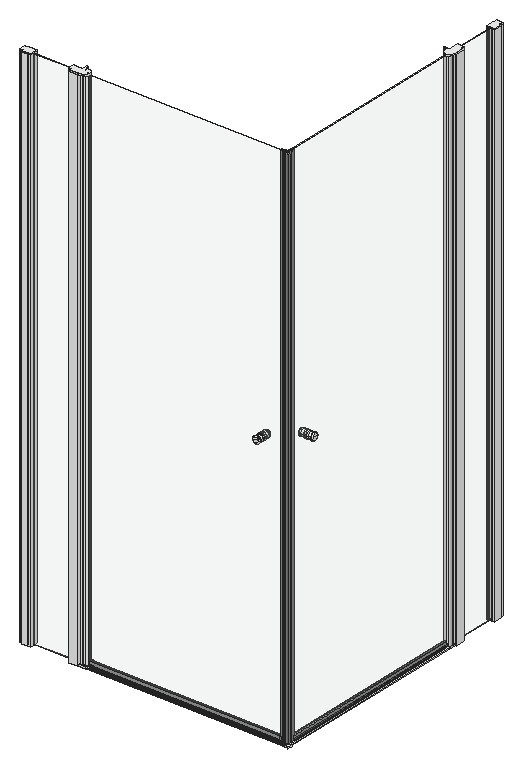
Revit family "Sanitary_Shower-screens_Duscholux_Giro_Two-fixed-segments+pivot-twin-doors-angle-acces-Shower", category Plumbing Fixtures, Revit 2016
Family settings
  Part Type = Normal
  Round Connector Dimension = Use Diameter
  OmniClass Number = 23.45.00.00
  OmniClass Title = Sanitary, Laundry, and Cleaning Equipment
  Work Plane-Based = No
  Always vertical = Yes
  Cut with Voids When Loaded = No
  Shared = No
  Room Calculation Point = No
Parameters (values of type "White Aluminium Finish")
  Width lateral side = 1000 mm
  Width front side = 1000 mm
  Uniclass 2015 Description = "Shower Enclosures"
  Uniclass 2015 Code = "PR-40-20-06-79"
  URL = "http://www.duscholux.es/"
  UNSPSC Code = "30181507"
  Thickness Glass = 5 mm  # constant formula
  Technical Inspection Certificate (Applus) = "http://www.duscholux.es/resources/custom/var/APPLUS_en.pdf"
  Series = "Plus Evolution Giro"
  Region South America = "Consult"
  Region Oceania = "Consult"
  Region North America = "Consult"
  Region Middle East = "Consult"
  Region Europe = "AD, ES, FR, PT"
  Region Asia = "Consult"
  Region Antartica = "Consult"
  Region Africa = "Consult"
  Ref. = "7XF / 7XG"
  Products = "http://www.duscholux.es/mamparas_filtro.aspx?es"
  Product group = "Front for shower"
  Product family = "Plus Evolution Giro"
  Opening lateral angle = 0.00°
  Opening System Image = "http://blob.duscholux.es/pluma512/AD2f2pabatible180.gif"
  Opening System = "Pivot Door"
  Opening front angle = 0.00°
  Net Weight (Kg) = 50
  NBS Reference Description = "Shower Enclosures"
  NBS Reference Code = "45-35-70"
  Model = ""
  Min Max Width lateral side = if(Width lateral side < 600 mm, 600 mm, if(Width lateral side > 1200 mm, 1200 mm, Width lateral side))  # 1000 mm
  Min Max Width front side = if(Width front side < 600 mm, 600 mm, if(Width front side > 1200 mm, 1200 mm, Width front side))  # 1000 mm
  Max Height = if(Height > 2000 mm, 2000 mm, Height)  # 2000 mm
  Manufacturer name = "Duscholux Ibérica, S.A."
  Manufacturer country = "Spain"
  Maintenance and Cleaning = "http://www.duscholux.es/mamparas_limpieza.aspx?en"
  Lateral door aperture = Min Max Width lateral side - 17.8 mm - 240 mm  # 742.2 mm
  Image = "http://www.duscholux.es/resources/custom/img/mamparas/PLUS%20EVOLUTION%20GIRO/modelos/2F2PADA/mampara_h.jpg"
  IFC Classification = "Furnishing Element"
  Height = 2000 mm
  Handle Material = White Finish
  Handle Height = Max Height / 2  # 1000 mm
  Glass in Building UNE EN 12150 = "CE Conformity marking"
  Glass Material = Glass_Material-Duscholux
  Frame Material = White Aluminium Finish
  Fact Sheet = "http://blob.duscholux.es/enpdf2018/Giro2F2PAD.pdf"
  Manufacturer = "Duscholux Ibérica, S.A."
  Environmental Management ISO 14001 = "ECOEMBES Certificate"
  Edition number = "1"
  Front door aperture = Min Max Width front side - 17.8 mm - 240 mm  # 742.2 mm
  Design country = "Spain / Germany"
  Description = "2 fixed segments + pivot twin doors at 180º with angle access for shower"
  Date of publishing = ""
  Assembly Code = "C1030200"
  Configuration enclosure = "http://configuratumampara.duscholux.es/eCatalogo.aspx"
  Components = "Eropean components"
  Type Comments = ""
  Combinations = ""
  Certified Quality UNE EN 14428 = "http://www.duscholux.es/duscholux_downloads.aspx?es"
  COBIe Type Category = ""
  Brand = "Duscholux"
  Accesories Material = White Finish
Types (4, lengths in mm): name | Handle Material | Frame Material | Accesories Material
  (no name) | White Finish | White Aluminium Finish | White Finish
  White Aluminium Finish | White Finish | White Aluminium Finish | White Finish
  Shiny silver Finish | Matt Silver Aluminium Finish | Shiny Silver  Aluminium Finish | Plastic, Gray
  Silver Matt Aluminium Finish | Matt Silver Aluminium Finish | Matt Silver Aluminium Finish | Plastic, Gray
Reference planes
  plane 1 "Centro (Frontal/Posterior)": y = 0
  plane 2: z = 0
  plane 3 "Centro (Izquierda/Derecha)": x = 0
  plane 4: z = 2000
  plane 5: x = 1000
  plane 6: z = 1000
  plane 7: z = 0
  plane 8: z = 8
  plane 9: z = 1996
  plane 10: x = 982.223
  plane 11: y = -5.6
  plane 12: y = 994.4
  plane 13: y = 12.2
  plane 14: x = 994.362
  plane 15: x = 240
  plane 16: y = 754.4
Forms (mm)
  Extrusion 1, solid, material "Glass_Material-Duscholux" <- "Glass Material"
    sketch origin (243.164, 15.3, 0) x (1, 0, 0) y (0, 1, 0)
      loop
        line (-0.257, -12.8) -> (-0.257, -17.8) -> (739.036, -17.8) -> (739.036, -12.8) -> (-0.257, -12.8)
    from 8 to 1992
  Extrusion 2, solid, material "White Aluminium Finish" <- "Frame Material"
    sketch origin (35.646, -645.801, 0) x (1, 0, 0) y (0, 1, 0)
      loop
        line (182.621, 656.691) -> (156.121, 656.691) -> (156.121, 655.191) -> (181.251, 655.191) -> (181.251, 631.991) -> (154.321, 631.991) -> (154.321, 624.931) -> (187.171, 624.931) -> (187.171, 633.301) -> (190.62, 633.301) -> (196.125, 639.801)
        arc (196.125, 639.801) -> (194.12, 645.786) -> (196.009, 651.809) r 10.234
        line (196.009, 651.809) -> (190.62, 659.801) -> (190.62, 660.824) -> (188.993, 670.05) -> (186.271, 674.341) -> (182.621, 674.341) -> (182.621, 656.691)
    from 0 to 1992
  Extrusion 3, solid, material "White Aluminium Finish" <- "Frame Material", detail levels medium+fine
    sketch origin (0, 32.415, 0) x (0, 1, 0) y (0, 0, 1)
      loop
        line (-48.975, 0) -> (-40.915, 0) -> (-40.915, 3)
        arc (-40.915, 3) -> (-41.501, 4.414) -> (-42.915, 5) r 2
        line (-42.915, 5) -> (-46.975, 5)
        arc (-46.975, 5) -> (-48.389, 4.414) -> (-48.975, 3) r 2
        line (-48.975, 3) -> (-48.975, 0)
    from 252.745 to 1000
  Extrusion 4, solid, material "White Finish" <- "Accesories Material", detail levels medium+fine
    sketch origin (183.416, 0, 0) x (1, 0, 0) y (0, 1, 0)
      loop
        line (39.402, -18) -> (69.329, -18) -> (69.329, -4.689) -> (61.425, -8.932)
        arc (61.425, -8.932) -> (54.344, -9.901) -> (48.356, -6) r 10.234
        line (48.356, -6) -> (42.851, -12.5) -> (39.402, -12.5) -> (39.402, -18)
    from 0 to 6
  Extrusion 5, solid, material "White Finish" <- "Accesories Material"
    sketch origin (0.016, 0, 0) x (1, 0, 0) y (0, 1, 0)
      loop
        line (191.752, 10.89) -> (191.752, 9.29) -> (183.4, 9.29) -> (183.4, -13.71) -> (189.952, -13.71) -> (189.952, -20.87) -> (222.393, -20.87) -> (244.738, -12.738)
        arc (244.738, -12.738) -> (253.657, 0) -> (244.738, 12.738) r 13.555
        line (244.738, 12.738) -> (225.413, 19.771) -> (224.624, 24.249) -> (221.902, 28.54) -> (218.252, 28.54) -> (218.252, 10.89) -> (191.752, 10.89)
    from 1992 to 1996
  Extrusion 6, solid, material "White Aluminium Finish" <- "Frame Material"
    sketch origin (0, -183.716, 0) x (1, 0, 0) y (0, 1, 0)
      loop
        line (1008.256, 988.148) -> (1008.256, 961.218) -> (985.056, 961.218) -> (985.056, 986.348) -> (983.556, 986.348) -> (983.556, 959.848) -> (965.906, 959.848) -> (965.906, 956.198) -> (970.197, 953.476) -> (979.423, 951.849) -> (980.446, 951.849) -> (988.438, 946.461)
        arc (988.438, 946.461) -> (994.461, 948.349) -> (1000.446, 946.344) r 10.234
        line (1000.446, 946.344) -> (1006.946, 951.849) -> (1006.946, 955.298) -> (1015.316, 955.298) -> (1015.316, 988.148) -> (1008.256, 988.148)
    from 0 to 1992
  Extrusion 7, solid, material "Glass_Material-Duscholux" <- "Glass Material"
    sketch origin (994.362, 12.2, 0) x (0, 1, 0) y (-1, 0, 0)
      loop
        line (739.293, 2.5) -> (0, 2.5) -> (0, -2.5) -> (739.293, -2.5) -> (739.293, 2.5)
    from 8 to 1992
  Extrusion 8, solid, material "Plástico, transparente"
    sketch origin (994.362, 12.2, 0) x (0, 1, 0) y (-1, 0, 0)
      loop
        line (10.861, 2.5) -> (10.861, 3.935) -> (0.729, 5.485)
        arc (0.729, 5.485) -> (-0.025, 5.571) -> (-0.783, 5.6) r 10
        line (-0.783, 5.6) -> (-4.523, 5.6)
        arc (-4.523, 5.6) -> (-6.453, 5.212) -> (-8.086, 4.114) r 5.03
        line (-8.086, 4.114) -> (-13.388, -1.188)
        arc (-13.388, -1.188) -> (-13.916, -4.011) -> (-11.523, -5.6) r 2.601
        line (-11.523, -5.6) -> (-0.783, -5.6)
        arc (-0.783, -5.6) -> (-0.025, -5.571) -> (0.729, -5.485) r 10
        line (0.729, -5.485) -> (10.861, -3.935) -> (10.861, -2.5) -> (-0.023, -4.083) -> (-0.023, 4.083) -> (10.861, 2.5)
      loop
        arc (-12.368, -0.881) -> (-13.615, -3.325) -> (-11.523, -5.1) r 2.21
        line (-11.523, -5.1) -> (-1.523, -5.1) -> (-1.523, 4.987) -> (-3.523, 4.987)
        arc (-3.523, 4.987) -> (-5.997, 4.666) -> (-8.125, 3.362) r 5.977
        line (-8.125, 3.362) -> (-6.711, 1.947) -> (-10.953, -2.295) -> (-12.368, -0.881)
    from 0 to 1992
  Extrusion 9, solid, material "White Finish" <- "Accesories Material"
    sketch origin (794.446, 694.384, 25) x (0, -1, 0) y (1, 0, 0)
      loop
        line (-108.248, 189.11) -> (-81.748, 189.11) -> (-81.748, 171.46) -> (-78.098, 171.46) -> (-75.376, 175.751) -> (-74.587, 180.229) -> (-55.262, 187.262)
        arc (-55.262, 187.262) -> (-46.343, 200) -> (-55.262, 212.738) r 13.555
        line (-55.262, 212.738) -> (-77.607, 220.87) -> (-110.048, 220.87) -> (-110.048, 213.71) -> (-116.6, 213.71) -> (-116.6, 190.71) -> (-108.248, 190.71) -> (-108.248, 189.11)
    from 1967 to 1971
  Extrusion 10, solid, material "White Finish" <- "Accesories Material", detail levels medium+fine
    sketch origin (-386, -1.6, 0) x (1, 0, 0) y (0, 1, 0)
      loop
        arc (1388.886, -5.45) -> (1388.461, -6.475) -> (1387.436, -6.9) r 1.45
        line (1387.436, -6.9) -> (1386, -6.9) -> (1386, -18) -> (1398, -18)
        arc (1398, -18) -> (1399.414, -17.414) -> (1400, -16) r 2
        line (1400, -16) -> (1400, -4) -> (1388.886, -4) -> (1388.886, -5.45)
    from 0 to 6
  Extrusion 11, solid
    sketch origin (0, -183.4, 0) x (1, 0, 0) y (0, 1, 0)
      loop
        line (1006.946, 954.983) -> (1006.946, 951.534) -> (1000.446, 946.029)
        arc (1000.446, 946.029) -> (1004.384, 939.868) -> (1003.206, 932.652) r 10.234
        line (1003.206, 932.652) -> (999.373, 925.055) -> (1012.446, 925.055) -> (1012.446, 954.983) -> (1006.946, 954.983)
    from 0 to 6
  Extrusion 12, solid, material "White Aluminium Finish" <- "Frame Material", detail levels medium+fine
    sketch origin (-30, 0, 0) x (1, 0, 0) y (0, 0, 1)
      loop
        line (1032.886, 0) -> (1040.945, 0) -> (1040.945, 3)
        arc (1040.945, 3) -> (1040.359, 4.414) -> (1038.945, 5) r 2
        line (1038.945, 5) -> (1034.886, 5)
        arc (1034.886, 5) -> (1033.471, 4.414) -> (1032.886, 3) r 2
        line (1032.886, 3) -> (1032.886, 0)
    from -741.655 to 5.6
  Extrusion 13, solid, material "White Aluminium Finish" <- "Frame Material"
    sketch origin (-21.584, 0, 0) x (1, 0, 0) y (0, 1, 0)
      loop
        line (233.05, 7.94) -> (233.05, 9.29) -> (205, 9.29) -> (205, 1.79) -> (215.5, 1.79) -> (215.5, -6.21) -> (205, -6.21) -> (205, -13.71) -> (233.05, -13.71) -> (233.05, -12.36) -> (206.35, -12.36) -> (206.35, -7.555) -> (216.85, -7.555) -> (216.85, 3.135) -> (206.35, 3.135) -> (206.35, 7.94) -> (233.05, 7.94)
    from 0 to 1992
  Extrusion 14, solid, material "White Aluminium Finish" <- "Frame Material"
    sketch origin (0, 0, 0) x (1, 0, 0) y (0, 1, 0)
      loop
        line (31.002, 7.892) -> (31.002, 9.392) -> (0, 9.392) -> (0, 7.892) -> (1.25, 7.892) -> (1.25, -12.308) -> (0, -12.308) -> (0, -13.808) -> (31.002, -13.808) -> (31.002, -12.308) -> (2.752, -12.308) -> (2.752, 7.892) -> (31.002, 7.892)
    from 0 to 1992
  Extrusion 15, solid, material "White Aluminium Finish" <- "Frame Material"
    sketch origin (0, 0, 0) x (1, 0, 0) y (0, 1, 0)
      loop
        line (43.002, 12.565) -> (11.652, 12.565) -> (11.652, 9.593) -> (41.752, 9.593) -> (41.752, 3.037) -> (31.002, 3.037) -> (31.002, -7.457) -> (41.752, -7.457) -> (41.752, -14.013) -> (11.652, -14.013) -> (11.652, -16.985) -> (43.002, -16.985) -> (43.002, -6.207) -> (32.502, -6.207) -> (32.502, 1.787) -> (43.002, 1.787) -> (43.002, 12.565)
    from 0 to 1992
  Extrusion 16, solid, material "Glass_Material-Duscholux" <- "Glass Material"
    sketch origin (0, 0, 0) x (1, 0, 0) y (0, 1, 0)
      loop
        line (32.502, 0.29) -> (32.502, -4.71) -> (193.916, -4.71) -> (193.916, 0.29) -> (32.502, 0.29)
    from 0 to 1992
  Extrusion 17, solid, material "White Aluminium Finish" <- "Frame Material"
    sketch origin (240, 0, 0) x (1, 0, 0) y (0, 1, 0)
      loop
        line (2.907, 4.084) -> (12.745, 4.084) -> (12.745, 5.053) -> (5.148, 8.929)
        arc (5.148, 8.929) -> (-10.229, 0.381) -> (4.627, -9.044) r 10.234
        line (4.627, -9.044) -> (12.745, -4.929) -> (12.745, -3.916) -> (2.907, -3.916) -> (2.907, 4.084)
    from 0 to 1992
  Extrusion 18, solid, material "Plástico, transparente"
    sketch origin (240, 0, 0) x (1, 0, 0) y (0, 1, 0)
      loop
        arc (742.945, 5.6) -> (742.187, 5.571) -> (741.432, 5.485) r 10
        line (741.432, 5.485) -> (731.301, 3.935) -> (731.301, 2.5) -> (742.184, 4.083) -> (742.184, -4.083) -> (731.301, -2.5) -> (731.301, -3.935) -> (741.432, -5.485)
        arc (741.432, -5.485) -> (742.187, -5.571) -> (742.945, -5.6) r 10
        line (742.945, -5.6) -> (753.684, -5.6)
        arc (753.684, -5.6) -> (756.078, -4.011) -> (755.549, -1.188) r 2.601
        line (755.549, -1.188) -> (750.248, 4.114)
        arc (750.248, 4.114) -> (748.614, 5.212) -> (746.684, 5.6) r 5.03
        line (746.684, 5.6) -> (742.945, 5.6)
      loop
        line (745.684, 4.987) -> (743.684, 4.987) -> (743.684, -5.1) -> (753.684, -5.1)
        arc (753.684, -5.1) -> (755.777, -3.325) -> (754.529, -0.881) r 2.21
        line (754.529, -0.881) -> (753.115, -2.295) -> (748.873, 1.947) -> (750.287, 3.362)
        arc (750.287, 3.362) -> (748.159, 4.666) -> (745.684, 4.987) r 5.977
    from 0 to 1992
  Extrusion 19, solid, material "White Aluminium Finish" <- "Frame Material"
    sketch origin (994.362, 12.2, 0) x (0, 1, 0) y (-1, 0, 0)
      loop
        line (729.455, -4) -> (729.455, -5.011) -> (737.052, -8.845)
        arc (737.052, -8.845) -> (752.434, 0) -> (737.052, 8.845) r 10.234
        line (737.052, 8.845) -> (729.455, 4.966) -> (729.455, 4) -> (739.293, 4) -> (739.293, -4) -> (729.455, -4)
    from 0 to 1992
  Extrusion 20, solid, material "White Aluminium Finish" <- "Frame Material"
    sketch origin (0, 0, 0) x (1, 0, 0) y (0, 1, 0)
      loop
        line (991.311, 799.134) -> (1002.001, 799.134) -> (1002.001, 809.634) -> (1006.806, 809.634) -> (1006.806, 782.934) -> (1008.156, 782.934) -> (1008.156, 810.984) -> (1000.656, 810.984) -> (1000.656, 800.484) -> (992.656, 800.484) -> (992.656, 810.984) -> (985.156, 810.984) -> (985.156, 782.934) -> (986.506, 782.934) -> (986.506, 809.634) -> (991.311, 809.634) -> (991.311, 799.134)
    from 0 to 1992
  Extrusion 21, solid, material "White Aluminium Finish" <- "Frame Material"
    sketch origin (0, 0, 0) x (1, 0, 0) y (0, 1, 0)
      loop
        line (1006.758, 991.648) -> (1006.758, 963.398) -> (1008.258, 963.398) -> (1008.258, 994.4) -> (1006.758, 994.4) -> (1006.758, 993.15) -> (986.558, 993.15) -> (986.558, 994.4) -> (985.058, 994.4) -> (985.058, 963.398) -> (986.558, 963.398) -> (986.558, 991.648) -> (1006.758, 991.648)
    from 0 to 1992
  Extrusion 22, solid, material "White Aluminium Finish" <- "Frame Material"
    sketch origin (0, 0, 0) x (1, 0, 0) y (0, 1, 0)
      loop
        line (1011.431, 951.398) -> (1011.431, 982.748) -> (1008.459, 982.748) -> (1008.459, 952.648) -> (1001.903, 952.648) -> (1001.903, 963.398) -> (991.409, 963.398) -> (991.409, 952.648) -> (984.853, 952.648) -> (984.853, 982.748) -> (981.881, 982.748) -> (981.881, 951.398) -> (992.659, 951.398) -> (992.659, 961.898) -> (1000.653, 961.898) -> (1000.653, 951.398) -> (1011.431, 951.398)
    from 0 to 1992
  Extrusion 23, solid, material "Glass_Material-Duscholux" <- "Glass Material"
    sketch origin (0, 0, 0) x (1, 0, 0) y (0, 1, 0)
      loop
        line (994.156, 961.898) -> (994.156, 800.484) -> (999.156, 800.484) -> (999.156, 961.898) -> (994.156, 961.898)
    from 0 to 1992
  Extrusion 24, solid, material "White Finish" <- "Accesories Material"
    sketch origin (0, 0, 0) x (1, 0, 0) y (0, 1, 0)
      loop
        line (11.652, 12.565) -> (11.652, 9.392) -> (0, 9.392) -> (0, -13.808) -> (11.652, -13.808) -> (11.652, -16.985) -> (43.002, -16.985) -> (43.002, 12.565) -> (11.652, 12.565)
    from 1992 to 1996
  Extrusion 25, solid, material "White Finish" <- "Accesories Material"
    sketch origin (0, 0, 0) x (1, 0, 0) y (0, 1, 0)
      loop
        line (1011.431, 951.398) -> (1011.431, 982.748) -> (1008.258, 982.748) -> (1008.258, 994.4) -> (985.058, 994.4) -> (985.058, 982.748) -> (981.881, 982.748) -> (981.881, 951.398) -> (1011.431, 951.398)
    from 1992 to 1996
Lines and regions (mm)
  reference lines
    curve 1: line (240, 0, 0) -> (982.2, 0, 0)
    curve 2: line (994.362, 12.2, 0) -> (994.362, 754.4, 0)
  symbolic lines
    curve 3: line (240, 0, 0) -> (240, 742.2, 0)
    curve 4: line (240, 0, 0) -> (240, -742.2, 0)
    curve 5: arc (240, -742.2, 0) -> (982.2, 0, 0) -> (240, 742.2, 0) r 742.2
    curve 6: line (994.362, 754.4, 0) -> (1736.562, 754.4, 0)
    curve 7: line (994.362, 754.4, 0) -> (252.162, 754.4, 0)
    curve 8: arc (1736.562, 754.4, 0) -> (994.362, 12.2, 0) -> (252.162, 754.4, 0) r 742.2
Dimensions and locks
  "Thickness Glass": Extrusion 1 to Extrusion 1
  plane 8 to level = 8 mm
  "Max Height": plane 4 to level
  "Min Max Width front side": plane 3 "Centro (Izquierda/Derecha)" to plane 5
  "Handle Height": plane 6 to level
  "Front door aperture": curve 1 to curve 1
  locked: plane 4 to Extrusion 1 at 8
  locked: plane 4 to plane 9 at 4
  locked: nested 2 to Extrusion 1 at 85
  locked: plane 10 to plane 5 at 17.777
  locked: plane 13 to plane 11 at 17.8
  plane 14 to plane 5 = 5.638 mm
  "Lateral door aperture": curve 2 to curve 2
  "Min Max Width lateral side": plane 12 to plane 11
  locked: nested 5 to Extrusion 7 at 85
  locked: plane 3 "Centro (Izquierda/Derecha)" to plane 15 at 240
  locked: plane 12 to plane 16 at 240
  locked: plane 16 to Extrusion 12 at 12.745
  "Front door aperture": curve 3 to curve 3
  "Lateral door aperture": curve 6 to curve 6
  "Opening front angle": angle curve 1 to plane 1 "Centro (Frontal/Posterior)"
  "Opening lateral angle": angle plane 14 to curve 2
  aligned and locked: level to plane 2
  aligned and locked: plane 1 "Centro (Frontal/Posterior)" to curve 1
  aligned and locked: Extrusion 1 to plane 8
  aligned and locked: Extrusion 2 to Extrusion 1
  aligned and locked: nested 2 to plane 6
  aligned and locked: plane 6 to nested 3
  aligned and locked: nested 2 to nested 3
  aligned and locked: Extrusion 4 to plane 7
  aligned and locked: Extrusion 3 to Extrusion 4
  aligned and locked: Extrusion 5 to Extrusion 1
  aligned and locked: plane 9 to Extrusion 5
  aligned and locked: curve 1 to Extrusion 1
  aligned and locked: Extrusion 6 to Extrusion 1
  aligned and locked: plane 14 to curve 2
  aligned and locked: Extrusion 1 to Extrusion 7
  aligned and locked: Extrusion 7 to Extrusion 1
  aligned and locked: plane 9 to Extrusion 9
  aligned and locked: nested 4 to nested 5
  aligned and locked: nested 5 to plane 6
  aligned and locked: nested 4 to plane 6
  aligned and locked: Extrusion 10 to plane 5
  aligned and locked: plane 11 to Extrusion 10
  aligned and locked: plane 5 to Extrusion 3
  aligned and locked: Extrusion 8 to nested 6
  aligned and locked: Extrusion 9 to Extrusion 7
  aligned and locked: Extrusion 11 to Extrusion 4
  aligned and locked: Extrusion 12 to plane 11
  aligned and locked: Extrusion 1 to Extrusion 16
  aligned and locked: Extrusion 16 to Extrusion 15
  aligned and locked: Extrusion 16 to Extrusion 14
  aligned and locked: Extrusion 13 to Extrusion 16
  aligned and locked: Extrusion 16 to Extrusion 13
  aligned and locked: Extrusion 1 to Extrusion 17
  aligned and locked: nested 1 to Extrusion 17
  aligned and locked: nested 1 to Extrusion 18
  aligned and locked: Extrusion 18 to Extrusion 8
  aligned and locked: plane 16 to curve 2
  aligned and locked: Extrusion 19 to Extrusion 7
  aligned and locked: nested 6 to Extrusion 19
  aligned and locked: Extrusion 20 to Extrusion 23 sketch curve
  aligned and locked: Extrusion 23 to Extrusion 7
  aligned and locked: Extrusion 22 to Extrusion 23
  aligned and locked: Extrusion 21 to Extrusion 23
  aligned and locked: Extrusion 23 to Extrusion 20
  aligned and locked: Extrusion 24 to Extrusion 16
  aligned and locked: plane 9 to Extrusion 24
  aligned and locked: Extrusion 25 to Extrusion 23
  aligned and locked: plane 9 to Extrusion 25
  aligned and locked: Extrusion 8 to Extrusion 7
Automatic sketch dimensions
  Extrusion 1 sketch curve to curve 1 = 0 mm
  Extrusion 1 sketch curve to curve 1 = 2.5 mm
  curve 1 to Extrusion 1 sketch curve = 2.5 mm
  curve 1 to Extrusion 1 sketch curve = 2.907 mm
  Extrusion 2 sketch curve to plane 15 = 0 mm
  Extrusion 2 sketch curve to plane 11 = 0.4 mm
  Extrusion 2 sketch curve to plane 15 = 8.229 mm
  Extrusion 2 sketch curve to plane 1 "Centro (Frontal/Posterior)" = 6.008 mm
  Extrusion 2 sketch curve to plane 15 = 8.345 mm
  Extrusion 2 sketch curve to Extrusion 2 sketch curve = 5.505 mm
  plane 13 to Extrusion 2 sketch curve = 1.8 mm
  Extrusion 2 sketch curve to Extrusion 2 sketch curve = 5.389 mm
  Extrusion 2 sketch curve to Extrusion 2 sketch curve = 1.627 mm
  Extrusion 2 sketch curve to Extrusion 2 sketch curve = 3.449 mm
  Extrusion 2 sketch curve to Extrusion 2 sketch curve = 2.722 mm
  Extrusion 2 sketch curve to plane 13 = 1.31 mm
  Extrusion 2 sketch curve to Extrusion 2 sketch curve = 7.999 mm
  Extrusion 2 sketch curve to Extrusion 2 sketch curve = 1.37 mm
  Extrusion 2 sketch curve to plane 13 = 2.81 mm
  Extrusion 2 sketch curve to Extrusion 2 sketch curve = 25.13 mm
  Extrusion 2 sketch curve to Extrusion 2 sketch curve = 26.93 mm
  Extrusion 2 sketch curve to plane 11 = 6.9 mm
  Extrusion 2 sketch curve to plane 11 = 8.21 mm
  Extrusion 2 sketch curve to Extrusion 2 sketch curve = 8.37 mm
  Extrusion 2 sketch curve to Extrusion 2 sketch curve = 1.023 mm
  Extrusion 2 sketch curve to Extrusion 2 sketch curve = 9.227 mm
  Extrusion 2 sketch curve to Extrusion 2 sketch curve = 4.291 mm
  Extrusion 3 sketch curve to level = 0 mm
  Extrusion 3 sketch curve to plane 11 = 10.959 mm
  Extrusion 3 sketch curve to Extrusion 3 sketch curve = 2 mm
  Extrusion 3 sketch curve to Extrusion 3 sketch curve = 4.059 mm
  Extrusion 3 sketch curve to plane 11 = 2.9 mm
  level to Extrusion 3 sketch curve = 3 mm
  Extrusion 4 sketch curve to plane 15 = 0 mm
  Extrusion 4 sketch curve to plane 11 = 0.4 mm
  Extrusion 4 sketch curve to plane 15 = 8.229 mm
  Extrusion 4 sketch curve to Extrusion 4 sketch curve = 5.505 mm
  Extrusion 4 sketch curve to Extrusion 4 sketch curve = 3.449 mm
  Extrusion 4 sketch curve to plane 11 = 3.332 mm
  plane 15 to Extrusion 4 sketch curve = 4.841 mm
  Extrusion 4 sketch curve to Extrusion 4 sketch curve = 7.904 mm
  Extrusion 4 sketch curve to plane 11 = 6.9 mm
  Extrusion 4 sketch curve to Extrusion 4 sketch curve = 5.5 mm
  plane 11 to Extrusion 4 sketch curve = 0.911 mm
  plane 1 "Centro (Frontal/Posterior)" to Extrusion 5 sketch curve = 0 mm
  Extrusion 5 sketch curve to plane 13 = 2.91 mm
  Extrusion 5 sketch curve to plane 15 = 56.584 mm
  Extrusion 5 sketch curve to Extrusion 5 sketch curve = 6.552 mm
  Extrusion 5 sketch curve to Extrusion 5 sketch curve = 8.352 mm
  Extrusion 5 sketch curve to plane 15 = 21.733 mm
  Extrusion 5 sketch curve to Extrusion 5 sketch curve = 3.65 mm
  Extrusion 5 sketch curve to plane 15 = 17.591 mm
  Extrusion 5 sketch curve to Extrusion 5 sketch curve = 2.722 mm
  Extrusion 5 sketch curve to Extrusion 5 sketch curve = 0.79 mm
  plane 15 to Extrusion 5 sketch curve = 0.118 mm
  plane 15 to Extrusion 5 sketch curve = 4.754 mm  (x2)
  plane 13 to Extrusion 5 sketch curve = 0.538 mm
  Extrusion 5 sketch curve to plane 11 = 8.11 mm
  Extrusion 5 sketch curve to plane 11 = 15.27 mm
  Extrusion 5 sketch curve to plane 13 = 1.31 mm
  plane 13 to Extrusion 5 sketch curve = 7.571 mm
  Extrusion 5 sketch curve to Extrusion 5 sketch curve = 4.478 mm
  Extrusion 5 sketch curve to Extrusion 5 sketch curve = 4.291 mm
  Extrusion 6 sketch curve to plane 14 = 0 mm
  Extrusion 6 sketch curve to plane 16 = 0 mm
  plane 14 to Extrusion 6 sketch curve = 5.924 mm
  plane 10 to Extrusion 6 sketch curve = 2.833 mm
  plane 10 to Extrusion 6 sketch curve = 1.333 mm
  Extrusion 6 sketch curve to plane 10 = 1.777 mm
  Extrusion 6 sketch curve to Extrusion 6 sketch curve = 1.023 mm
  Extrusion 6 sketch curve to Extrusion 6 sketch curve = 9.227 mm
  Extrusion 6 sketch curve to Extrusion 6 sketch curve = 4.291 mm
  plane 5 to Extrusion 6 sketch curve = 0.446 mm
  plane 5 to Extrusion 6 sketch curve = 6.946 mm
  plane 5 to Extrusion 6 sketch curve = 8.256 mm
  Extrusion 6 sketch curve to Extrusion 6 sketch curve = 7.06 mm
  plane 16 to Extrusion 6 sketch curve = 8.229 mm
  Extrusion 6 sketch curve to Extrusion 6 sketch curve = 5.389 mm
  Extrusion 6 sketch curve to Extrusion 6 sketch curve = 5.505 mm
  Extrusion 6 sketch curve to Extrusion 6 sketch curve = 1.627 mm
  Extrusion 6 sketch curve to Extrusion 6 sketch curve = 3.449 mm
  Extrusion 6 sketch curve to Extrusion 6 sketch curve = 2.722 mm
  Extrusion 6 sketch curve to Extrusion 6 sketch curve = 7.999 mm
  Extrusion 6 sketch curve to Extrusion 6 sketch curve = 5.92 mm
  Extrusion 6 sketch curve to Extrusion 6 sketch curve = 25.13 mm
  Extrusion 6 sketch curve to Extrusion 6 sketch curve = 1.8 mm
  Extrusion 7 sketch curve to curve 2 = 0 mm
  Extrusion 7 sketch curve to curve 2 = 2.5 mm
  curve 2 to Extrusion 7 sketch curve = 2.5 mm
  Extrusion 7 sketch curve to curve 2 = 2.907 mm
  curve 2 to Extrusion 8 sketch curve = 1.188 mm
  Extrusion 8 sketch curve to curve 2 = 13.388 mm
  curve 2 to Extrusion 8 sketch curve = 0.881 mm
  Extrusion 8 sketch curve to Extrusion 8 sketch curve = 1.02 mm
  Extrusion 8 sketch curve to Extrusion 8 sketch curve = 0.845 mm
  Extrusion 8 sketch curve to Extrusion 8 sketch curve = 0 mm  (x2)
  Extrusion 8 sketch curve to Extrusion 8 sketch curve = 0.003 mm
  Extrusion 8 sketch curve to Extrusion 8 sketch curve = 0.072 mm
  curve 2 to Extrusion 8 sketch curve = 2.295 mm
  Extrusion 8 sketch curve to Extrusion 8 sketch curve = 0.495 mm
  Extrusion 8 sketch curve to Extrusion 8 sketch curve = 4.243 mm
  Extrusion 8 sketch curve to Extrusion 8 sketch curve = 0.039 mm
  Extrusion 8 sketch curve to curve 2 = 1.947 mm
  Extrusion 8 sketch curve to Extrusion 8 sketch curve = 1.414 mm  (x2)
  Extrusion 8 sketch curve to Extrusion 8 sketch curve = 3.564 mm
  Extrusion 8 sketch curve to curve 2 = 0.57 mm
  Extrusion 8 sketch curve to Extrusion 8 sketch curve = 2.194 mm
  curve 2 to Extrusion 8 sketch curve = 0.97 mm
  Extrusion 8 sketch curve to Extrusion 8 sketch curve = 0.51 mm
  Extrusion 8 sketch curve to Extrusion 8 sketch curve = 1 mm
  Extrusion 8 sketch curve to curve 2 = 1.523 mm
  Extrusion 8 sketch curve to curve 2 = 0.783 mm  (x2)
  Extrusion 8 sketch curve to curve 2 = 0.023 mm
  curve 2 to Extrusion 8 sketch curve = 0.729 mm  (x2)
  curve 2 to Extrusion 8 sketch curve = 3.935 mm
  Extrusion 8 sketch curve to Extrusion 8 sketch curve = 10.132 mm
  Extrusion 8 sketch curve to curve 2 = 3.935 mm
  Extrusion 8 sketch curve to curve 2 = 4.083 mm
  Extrusion 8 sketch curve to curve 2 = 4.4 mm
  Extrusion 8 sketch curve to Extrusion 8 sketch curve = 2.805 mm
  Extrusion 8 sketch curve to curve 2 = 5.485 mm
  Extrusion 8 sketch curve to Extrusion 8 sketch curve = 0.5 mm
  Extrusion 8 sketch curve to Extrusion 8 sketch curve = 1.435 mm  (x2)
  curve 2 to Extrusion 8 sketch curve = 4.083 mm
  Extrusion 8 sketch curve to Extrusion 8 sketch curve = 0.752 mm
  plane 10 to Extrusion 9 sketch curve = 2.933 mm
  plane 16 to Extrusion 9 sketch curve = 56.584 mm
  Extrusion 9 sketch curve to Extrusion 9 sketch curve = 6.552 mm
  Extrusion 9 sketch curve to Extrusion 9 sketch curve = 8.352 mm
  plane 16 to Extrusion 9 sketch curve = 21.733 mm
  Extrusion 9 sketch curve to Extrusion 9 sketch curve = 3.65 mm
  plane 16 to Extrusion 9 sketch curve = 17.591 mm
  Extrusion 9 sketch curve to Extrusion 9 sketch curve = 2.722 mm
  Extrusion 9 sketch curve to Extrusion 9 sketch curve = 0.79 mm
  Extrusion 9 sketch curve to plane 16 = 0.118 mm
  Extrusion 9 sketch curve to plane 16 = 4.754 mm  (x2)
  Extrusion 9 sketch curve to plane 10 = 0.514 mm
  Extrusion 9 sketch curve to plane 10 = 7.548 mm
  Extrusion 9 sketch curve to Extrusion 9 sketch curve = 4.478 mm
  Extrusion 9 sketch curve to Extrusion 9 sketch curve = 4.291 mm
  plane 10 to Extrusion 9 sketch curve = 1.333 mm
  Extrusion 9 sketch curve to plane 14 = 0.084 mm
  plane 5 to Extrusion 9 sketch curve = 8.156 mm
  Extrusion 9 sketch curve to Extrusion 9 sketch curve = 7.16 mm
  Extrusion 10 sketch curve to plane 5 = 0 mm
  Extrusion 10 sketch curve to plane 11 = 0 mm
  plane 5 to Extrusion 10 sketch curve = 1.436 mm
  Extrusion 10 sketch curve to Extrusion 10 sketch curve = 1.45 mm  (x2)
  plane 5 to Extrusion 10 sketch curve = 12 mm
  Extrusion 10 sketch curve to Extrusion 10 sketch curve = 2 mm
  Extrusion 10 sketch curve to Extrusion 10 sketch curve = 12 mm
  Extrusion 11 sketch curve to plane 14 = 0 mm
  Extrusion 11 sketch curve to plane 16 = 0 mm
  Extrusion 11 sketch curve to plane 5 = 0.627 mm
  plane 5 to Extrusion 11 sketch curve = 0.446 mm
  plane 5 to Extrusion 11 sketch curve = 3.206 mm
  plane 5 to Extrusion 11 sketch curve = 6.946 mm
  Extrusion 11 sketch curve to Extrusion 11 sketch curve = 5.5 mm
  Extrusion 11 sketch curve to plane 16 = 5.148 mm
  Extrusion 11 sketch curve to Extrusion 11 sketch curve = 7.597 mm
  Extrusion 11 sketch curve to Extrusion 11 sketch curve = 5.505 mm
  Extrusion 11 sketch curve to Extrusion 11 sketch curve = 3.449 mm
  Extrusion 12 sketch curve to level = 0 mm
  plane 5 to Extrusion 12 sketch curve = 2.886 mm
  Extrusion 12 sketch curve to Extrusion 12 sketch curve = 2 mm  (x2)
  Extrusion 12 sketch curve to Extrusion 12 sketch curve = 4.059 mm
  level to Extrusion 12 sketch curve = 3 mm
  Extrusion 13 sketch curve to plane 11 = 8.11 mm
  Extrusion 13 sketch curve to plane 15 = 56.584 mm
  Extrusion 13 sketch curve to plane 1 "Centro (Frontal/Posterior)" = 1.79 mm
  Extrusion 13 sketch curve to Extrusion 13 sketch curve = 0 mm
  Extrusion 13 sketch curve to Extrusion 13 sketch curve = 1.35 mm  (x4)
  Extrusion 13 sketch curve to plane 11 = 0.61 mm
  Extrusion 13 sketch curve to Extrusion 13 sketch curve = 9.15 mm
  Extrusion 13 sketch curve to plane 13 = 2.91 mm
  Extrusion 13 sketch curve to Extrusion 13 sketch curve = 16.2 mm  (x2)
  Extrusion 13 sketch curve to plane 11 = 6.76 mm
  Extrusion 13 sketch curve to Extrusion 13 sketch curve = 1.345 mm  (x2)
  Extrusion 14 sketch curve to plane 3 "Centro (Izquierda/Derecha)" = 0 mm  (x2)
  plane 3 "Centro (Izquierda/Derecha)" to Extrusion 14 sketch curve = 1.25 mm
  Extrusion 14 sketch curve to Extrusion 14 sketch curve = 1.502 mm
  Extrusion 14 sketch curve to plane 13 = 4.308 mm
  Extrusion 14 sketch curve to Extrusion 14 sketch curve = 28.25 mm
  Extrusion 14 sketch curve to plane 11 = 8.208 mm
  Extrusion 14 sketch curve to Extrusion 14 sketch curve = 0 mm  (x3)
  Extrusion 14 sketch curve to Extrusion 14 sketch curve = 1.5 mm  (x2)
  plane 3 "Centro (Izquierda/Derecha)" to Extrusion 15 sketch curve = 11.652 mm  (x2)
  plane 13 to Extrusion 15 sketch curve = 0.365 mm
  Extrusion 15 sketch curve to plane 1 "Centro (Frontal/Posterior)" = 3.037 mm
  Extrusion 15 sketch curve to Extrusion 15 sketch curve = 19.35 mm
  Extrusion 15 sketch curve to plane 11 = 0.607 mm
  Extrusion 15 sketch curve to Extrusion 15 sketch curve = 1.5 mm
  Extrusion 15 sketch curve to Extrusion 15 sketch curve = 9.25 mm  (x2)
  Extrusion 15 sketch curve to Extrusion 15 sketch curve = 1.25 mm  (x2)
  Extrusion 15 sketch curve to plane 11 = 1.857 mm
  Extrusion 15 sketch curve to plane 11 = 8.413 mm
  Extrusion 15 sketch curve to Extrusion 15 sketch curve = 2.972 mm
  Extrusion 15 sketch curve to plane 1 "Centro (Frontal/Posterior)" = 1.787 mm
  Extrusion 15 sketch curve to plane 13 = 2.607 mm
  plane 11 to Extrusion 16 sketch curve = 0.89 mm
  plane 3 "Centro (Izquierda/Derecha)" to Extrusion 16 sketch curve = 32.502 mm
  Extrusion 16 sketch curve to plane 15 = 46.084 mm
  Extrusion 16 sketch curve to plane 1 "Centro (Frontal/Posterior)" = 0.29 mm
  Extrusion 17 sketch curve to curve 1 = 0 mm
  curve 1 to Extrusion 17 sketch curve = 0.084 mm
  curve 1 to Extrusion 17 sketch curve = 2.907 mm
  curve 1 to Extrusion 17 sketch curve = 4.627 mm
  curve 1 to Extrusion 17 sketch curve = 5.148 mm
  Extrusion 17 sketch curve to Extrusion 17 sketch curve = 7.597 mm
  curve 1 to Extrusion 17 sketch curve = 3.916 mm
  Extrusion 17 sketch curve to Extrusion 17 sketch curve = 0 mm
  Extrusion 17 sketch curve to Extrusion 17 sketch curve = 1.013 mm
  Extrusion 17 sketch curve to curve 1 = 9.044 mm
  curve 1 to Extrusion 17 sketch curve = 4.084 mm
  Extrusion 17 sketch curve to Extrusion 17 sketch curve = 0.968 mm
  curve 1 to Extrusion 18 sketch curve = 2.5 mm
  Extrusion 18 sketch curve to curve 1 = 10.899 mm
  Extrusion 18 sketch curve to Extrusion 18 sketch curve = 0 mm  (x2)
  Extrusion 18 sketch curve to curve 1 = 0.768 mm  (x2)
  Extrusion 18 sketch curve to curve 1 = 0.016 mm
  curve 1 to Extrusion 18 sketch curve = 0.745 mm  (x2)
  Extrusion 18 sketch curve to Extrusion 18 sketch curve = 0.739 mm
  Extrusion 18 sketch curve to Extrusion 18 sketch curve = 2 mm
  curve 1 to Extrusion 18 sketch curve = 0.97 mm
  curve 1 to Extrusion 18 sketch curve = 3.968 mm
  Extrusion 18 sketch curve to curve 1 = 0.57 mm
  Extrusion 18 sketch curve to Extrusion 18 sketch curve = 0.51 mm
  Extrusion 18 sketch curve to Extrusion 18 sketch curve = 1 mm
  Extrusion 18 sketch curve to curve 1 = 1.947 mm
  Extrusion 18 sketch curve to Extrusion 18 sketch curve = 2.194 mm
  Extrusion 18 sketch curve to Extrusion 18 sketch curve = 1.375 mm
  Extrusion 18 sketch curve to curve 1 = 3.362 mm
  Extrusion 18 sketch curve to Extrusion 18 sketch curve = 0.039 mm
  curve 1 to Extrusion 18 sketch curve = 2.295 mm
  Extrusion 18 sketch curve to Extrusion 18 sketch curve = 4.243 mm
  Extrusion 18 sketch curve to Extrusion 18 sketch curve = 0.495 mm
  Extrusion 18 sketch curve to Extrusion 18 sketch curve = 0.072 mm
  Extrusion 18 sketch curve to Extrusion 18 sketch curve = 0.003 mm
  curve 1 to Extrusion 18 sketch curve = 0.881 mm
  Extrusion 18 sketch curve to Extrusion 18 sketch curve = 1.414 mm
  curve 1 to Extrusion 18 sketch curve = 1.188 mm
  Extrusion 18 sketch curve to Extrusion 18 sketch curve = 1.02 mm
  Extrusion 18 sketch curve to Extrusion 18 sketch curve = 0.596 mm
  Extrusion 18 sketch curve to Extrusion 18 sketch curve = 0.108 mm
  Extrusion 18 sketch curve to Extrusion 18 sketch curve = 1.435 mm  (x2)
  Extrusion 18 sketch curve to curve 1 = 4.083 mm
  Extrusion 18 sketch curve to curve 1 = 4.4 mm
  Extrusion 18 sketch curve to Extrusion 18 sketch curve = 0.115 mm
  Extrusion 18 sketch curve to curve 1 = 2.5 mm
  curve 1 to Extrusion 18 sketch curve = 4.083 mm
  Extrusion 18 sketch curve to Extrusion 18 sketch curve = 0.752 mm
  Extrusion 19 sketch curve to curve 2 = 0 mm  (x2)
  Extrusion 19 sketch curve to curve 2 = 2.907 mm
  Extrusion 19 sketch curve to curve 2 = 5.148 mm  (x2)
  Extrusion 19 sketch curve to curve 2 = 4.966 mm
  Extrusion 19 sketch curve to Extrusion 19 sketch curve = 7.597 mm
  curve 2 to Extrusion 19 sketch curve = 4 mm
  Extrusion 19 sketch curve to Extrusion 19 sketch curve = 0 mm
  Extrusion 19 sketch curve to Extrusion 19 sketch curve = 1.011 mm
  Extrusion 19 sketch curve to curve 2 = 8.845 mm
  Extrusion 19 sketch curve to Extrusion 19 sketch curve = 0.966 mm
  plane 10 to Extrusion 20 sketch curve = 2.933 mm
  Extrusion 20 sketch curve to Extrusion 20 sketch curve = 1.35 mm  (x5)
  plane 14 to Extrusion 20 sketch curve = 3.051 mm
  plane 14 to Extrusion 20 sketch curve = 1.706 mm
  plane 5 to Extrusion 20 sketch curve = 0.656 mm
  Extrusion 20 sketch curve to Extrusion 20 sketch curve = 1.345 mm
  plane 5 to Extrusion 20 sketch curve = 6.806 mm
  plane 16 to Extrusion 20 sketch curve = 28.534 mm
  Extrusion 20 sketch curve to Extrusion 20 sketch curve = 0 mm
  Extrusion 20 sketch curve to Extrusion 20 sketch curve = 16.2 mm
  Extrusion 20 sketch curve to Extrusion 20 sketch curve = 9.15 mm  (x2)
  Extrusion 21 sketch curve to plane 12 = 0 mm  (x2)
  plane 10 to Extrusion 21 sketch curve = 2.836 mm
  Extrusion 21 sketch curve to Extrusion 21 sketch curve = 1.5 mm  (x3)
  plane 5 to Extrusion 21 sketch curve = 6.758 mm  (x2)
  Extrusion 21 sketch curve to plane 12 = 1.25 mm
  Extrusion 21 sketch curve to Extrusion 21 sketch curve = 1.502 mm
  Extrusion 21 sketch curve to Extrusion 21 sketch curve = 28.25 mm
  Extrusion 21 sketch curve to Extrusion 21 sketch curve = 0 mm
  Extrusion 22 sketch curve to plane 10 = 0.342 mm
  plane 10 to Extrusion 22 sketch curve = 2.631 mm
  plane 14 to Extrusion 22 sketch curve = 2.953 mm
  plane 14 to Extrusion 22 sketch curve = 1.703 mm
  plane 5 to Extrusion 22 sketch curve = 0.653 mm
  plane 5 to Extrusion 22 sketch curve = 1.903 mm
  plane 5 to Extrusion 22 sketch curve = 8.459 mm
  Extrusion 22 sketch curve to Extrusion 22 sketch curve = 2.972 mm
  Extrusion 22 sketch curve to plane 12 = 43.002 mm
  Extrusion 22 sketch curve to Extrusion 22 sketch curve = 0 mm
  Extrusion 22 sketch curve to Extrusion 22 sketch curve = 1.25 mm  (x2)
  Extrusion 22 sketch curve to Extrusion 22 sketch curve = 9.25 mm
  Extrusion 22 sketch curve to Extrusion 22 sketch curve = 1.5 mm
  Extrusion 22 sketch curve to plane 12 = 11.652 mm  (x2)
  plane 14 to Extrusion 23 sketch curve = 0.206 mm
  Extrusion 23 sketch curve to plane 5 = 0.844 mm
  Extrusion 23 sketch curve to plane 12 = 32.502 mm
  Extrusion 24 sketch curve to plane 3 "Centro (Izquierda/Derecha)" = 0 mm
  plane 3 "Centro (Izquierda/Derecha)" to Extrusion 24 sketch curve = 11.652 mm  (x2)
  plane 13 to Extrusion 24 sketch curve = 0.365 mm
  Extrusion 24 sketch curve to Extrusion 24 sketch curve = 31.35 mm
  Extrusion 24 sketch curve to plane 11 = 8.208 mm
  Extrusion 24 sketch curve to Extrusion 24 sketch curve = 3.177 mm
  Extrusion 24 sketch curve to plane 13 = 2.808 mm
  Extrusion 25 sketch curve to plane 12 = 0 mm
  Extrusion 25 sketch curve to plane 10 = 0.342 mm
  plane 10 to Extrusion 25 sketch curve = 2.836 mm
  plane 5 to Extrusion 25 sketch curve = 11.431 mm
  Extrusion 25 sketch curve to plane 12 = 11.652 mm  (x2)
  Extrusion 25 sketch curve to Extrusion 25 sketch curve = 31.35 mm
  plane 5 to Extrusion 25 sketch curve = 8.258 mm
  curve 3 to plane 15 = 0 mm
  curve 8 to plane 16 = 0 mm
  curve 6 to plane 14 = 0 mm
  curve 8 to plane 14 = 0 mm
  plane 1 "Centro (Frontal/Posterior)" to curve 4 = 0 mm
  plane 1 "Centro (Frontal/Posterior)" to curve 5 = 0 mm
  curve 1 to plane 15 = 0 mm
Nested families
  nested 1: "Lower-Guide" at (252.745, 0, 8), type "Lower-Guide", detail levels fine
    with built-in parameter 1001306 2.3575 (stored number, unit not read)
  nested 2: "Handle" at (897.2, -2.5, 1000) x (1, 0, 0) z (0, -1, 0), type "Handle", detail levels medium+fine
  nested 3: "Handle" at (897.2, 2.5, 1000) x (1, 0, 0) z (0, 1, 0), type "Handle", detail levels medium+fine
  nested 4: "Handle" at (991.862, 97.2, 1000) x (0, -1, 0) z (-1, 0, 0), type "Handle", detail levels medium+fine
  nested 5: "Handle" at (996.862, 97.2, 1000) x (0, 1, 0) z (1, 0, 0), type "Handle", detail levels medium+fine
  nested 6: "Lower-Guide" at (994.267, 23.061, 8) x (0, 1, 0) z (0, 0, 1), type "Lower-Guide", detail levels fine
    with built-in parameter 1001306 2.3576 (stored number, unit not read)
Definition of nested family "Lower-Guide"
  Parameters (values of type "2353MA")
    built-in parameter 1001306 [instance] = 500 mm
  Reference planes
    plane 1 "Centro (Frontal/Posterior)": y = 0
    plane 2: z = 0
    plane 3 "Izquierda": x = 0
    plane 4 "Derecha": x = 500
    plane 5: z = 0
  Forms (mm)
    Extrusion 1, solid
      sketch origin (0, 0, 0) x (0, 1, 0) y (0, 0, 1)
        loop
          line (-4.2, 0) -> (-3, 12) -> (-4.5, 12) -> (-5.692, 0.15)
          arc (-5.692, 0.15) -> (-5.345, -0.968) -> (-4.3, -1.497) r 1.5
          line (-4.3, -1.497) -> (-4.3, -5.874)
          arc (-4.3, -5.874) -> (-3.9, -6.274) -> (-3.5, -5.874) r 0.4
          line (-3.5, -5.874) -> (-3.5, -1.5) -> (3.5, -1.5) -> (3.5, -7.653)
          arc (3.5, -7.653) -> (3.9, -8.053) -> (4.3, -7.653) r 0.4
          line (4.3, -7.653) -> (4.3, -1.508) -> (5.754, -1.508) -> (11.976, -3.947)
          arc (11.976, -3.947) -> (12.62, -3.771) -> (12.515, -3.111) r 0.5
          line (12.515, -3.111) -> (9.056, -1.58)
          arc (9.056, -1.58) -> (6.398, 0.585) -> (5.211, 3.802) r 6.5
          line (5.211, 3.802) -> (4.5, 12) -> (3, 12) -> (4.2, 0) -> (-4.2, 0)
      from 0 to 500
  Lines and regions (mm)
    reference lines
      curve 1: line (0, 0, 0) -> (500, 0, 0)
  Dimensions and locks
    "built-in parameter 1001306": plane 3 "Izquierda" to plane 4 "Derecha"
    aligned and locked: plane 4 "Derecha" to curve 1
    aligned and locked: plane 1 "Centro (Frontal/Posterior)" to curve 1
    aligned and locked: plane 3 "Izquierda" to curve 1
    aligned and locked: level to plane 2
    aligned and locked: plane 4 "Derecha" to Extrusion 1
  Automatic sketch dimensions
    Extrusion 1 sketch curve to level = 0 mm  (x2)
    Extrusion 1 sketch curve to Extrusion 1 sketch curve = 0.4 mm  (x3)
    Extrusion 1 sketch curve to Extrusion 1 sketch curve = 0 mm  (x2)
    Extrusion 1 sketch curve to Extrusion 1 sketch curve = 1.5 mm  (x2)
    Extrusion 1 sketch curve to Extrusion 1 sketch curve = 1.454 mm
    Extrusion 1 sketch curve to level = 1.58 mm
    Extrusion 1 sketch curve to Extrusion 1 sketch curve = 3.301 mm
    level to Extrusion 1 sketch curve = 4.364 mm
    Extrusion 1 sketch curve to Extrusion 1 sketch curve = 2.632 mm
    Extrusion 1 sketch curve to level = 3.947 mm
    Extrusion 1 sketch curve to Extrusion 1 sketch curve = 2.921 mm
    Extrusion 1 sketch curve to Extrusion 1 sketch curve = 0.224 mm
    Extrusion 1 sketch curve to level = 3.111 mm
    Extrusion 1 sketch curve to Extrusion 1 sketch curve = 0.315 mm
    Extrusion 1 sketch curve to level = 5.874 mm
    Extrusion 1 sketch curve to Extrusion 1 sketch curve = 1.778 mm
    Extrusion 1 sketch curve to level = 1.508 mm
    Extrusion 1 sketch curve to level = 1.5 mm
    Extrusion 1 sketch curve to Extrusion 1 sketch curve = 0.003 mm
    level to Extrusion 1 sketch curve = 12 mm
    level to Extrusion 1 sketch curve = 0.15 mm
    plane 1 "Centro (Frontal/Posterior)" to Extrusion 1 sketch curve = 3 mm
    plane 1 "Centro (Frontal/Posterior)" to Extrusion 1 sketch curve = 3.5 mm
    Extrusion 1 sketch curve to Extrusion 1 sketch curve = 0.1 mm  (x2)
    Extrusion 1 sketch curve to plane 1 "Centro (Frontal/Posterior)" = 3 mm
    Extrusion 1 sketch curve to plane 1 "Centro (Frontal/Posterior)" = 3.5 mm
    Extrusion 1 sketch curve to Extrusion 1 sketch curve = 0.799 mm
    level to Extrusion 1 sketch curve = 3.802 mm
Definition of nested family "Handle"
  Parameters (values of type "Handle-Gravity")
    Handle Material = none
    Default Elevation = 1219.2 mm
  Reference planes
    plane 1 "Centro (Frontal/Posterior)": y = 0
    plane 2: z = 0
    plane 3 "Centro (Izquierda/Derecha)": x = 0
  Forms (mm)
    Extrusion 1, solid
      sketch origin (0, 0, 0) x (1, 0, 0) y (0, 1, 0)
        loop
          line (-1219.2, 1219.2) -> (-1219.2, -1219.2) -> (1219.2, -1219.2) -> (1219.2, 1219.2) -> (-1219.2, 1219.2)
      from 0 to -304.8
    Revolve 2, solid, material <- "Handle Material"
      sketch origin (-255.555, 0, -108.84) x (1, 0, 0) y (0, 0, 1)
        loop
          arc (255.555, 132.84) -> (249.874, 132.609) -> (244.231, 131.918) r 70
          arc (244.231, 131.918) -> (243.027, 131.235) -> (242.555, 129.934) r 2
          line (242.555, 129.934) -> (242.555, 127.939) -> (244.555, 127.403) -> (244.555, 113.44) -> (242.555, 112.904) -> (242.555, 108.84) -> (255.555, 108.84) -> (255.555, 132.84)
        axis (255.555, 132.84) -> (255.555, 108.84)
      angle from 0 to 360
  Dimensions and locks
    aligned and locked: plane 2 to Extrusion 1
    aligned and locked: level to Extrusion 1
